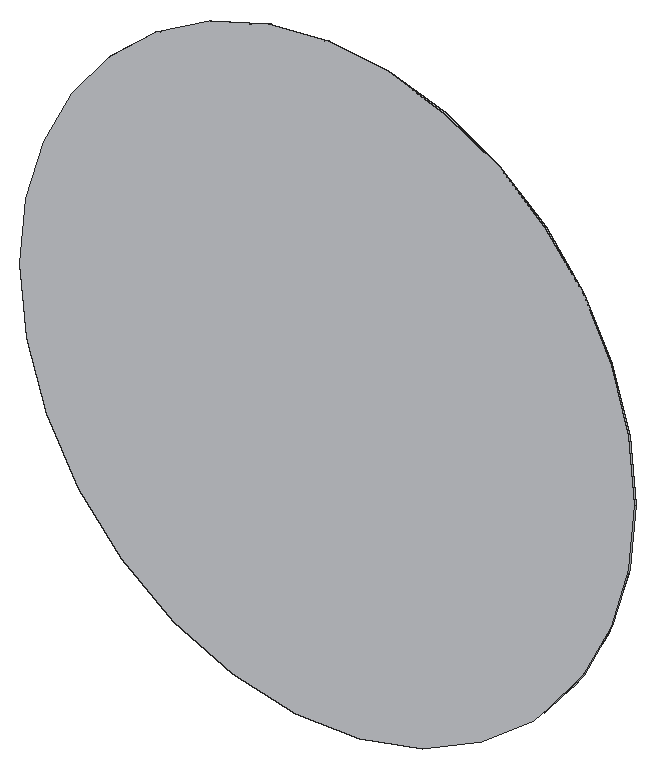
Revit family "GPC-BombaVirtual", category Mechanical Equipment, Revit 2025
Family settings
  Round Connector Dimension = Use Diameter
  Classification = Pump
  Part Type = Normal
  OmniClass Number = 23.75.00.00
  OmniClass Title = Climate Control (HVAC)
  Work Plane-Based = Yes
  Always vertical = No
  Cut with Voids When Loaded = No
  Maintain Annotation Orientation = No
  Shared = Yes
  Room Calculation Point = No
Parameters (values of type "Standard")
  Radius [instance] = 1' - 7"
  Presión [instance] = 0.00 psi
  Diameter [instance] = 2 * Radius  # 3' - 2"
  Default Elevation = 4' - 0"
  CWFU [instance] = 0 L/s
Types (3): name
  Standard
  Inicio_CapRoscadoGalvanizado
  ACOM-LOCAL.SUP
Reference planes (in)
  plane 1 "Center (Front/Back)": y = 0
  plane 2: z = 0
  plane 3 "Center (Left/Right)": x = 0
Forms (in)
  Extrusion 1, solid
    sketch origin (0, 0, 0) x (1, 0, 0) y (0, 0, 1)
      loop
        circle (0, 0) r 19
    from 0 to 0.03906
Dimensions and locks (in)
  "Radius": radius of Extrusion 1 sketch curve
  aligned and locked: level to plane 2
Automatic sketch dimensions
  Extrusion 1 sketch curve to level = 0' - 0"
  Extrusion 1 sketch curve to plane 3 "Center (Left/Right)" = 0' - 0"
Connectors (in)
  piping at (0, -0.03906, 0), diameter 38, driven by "Diameter", driven by "Presión", driven by "CWFU"
    settings: on Extrusion 1, index 1, connector inside diameter 24", connector length 0' - 0", flow factor 0, pipe flow 0 L/s, pressure drop 0.00 psi, fitting loss kfactor 0, connector angle 0.00°, fixture units 0, engagement length 0' - 0", angle of deflection 0.00°, flow configuration 0, flow direction 2, fitting loss method 0, system type 20, joint type 0, gender type 0, connector reference index -1, connector utility 0, adjustable connector no, is connector primary yes, connector description ""
